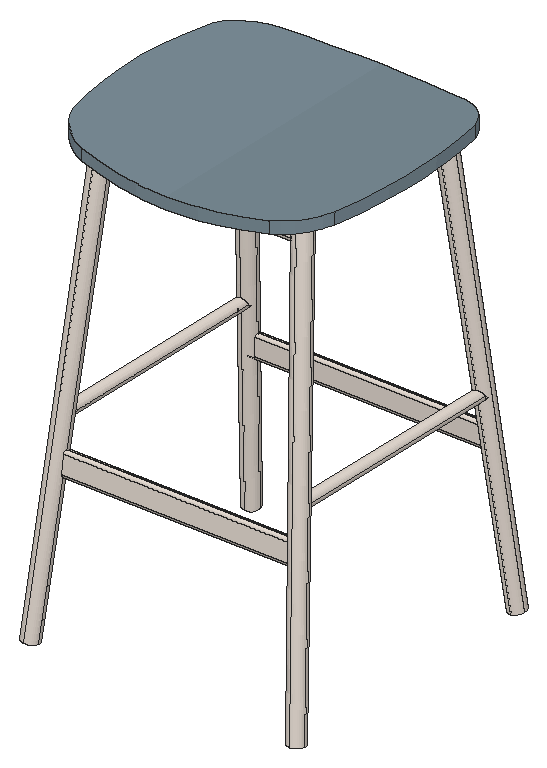
Revit family "FU_Stool_Sandler_Viki 3-16", category Furniture, Revit 2020
Family settings
  OmniClass Number = 23.40.20.00
  OmniClass Title = General Furniture and Specialties
  Work Plane-Based = No
  Always vertical = Yes
  Cut with Voids When Loaded = No
  Shared = No
  Room Calculation Point = No
Parameters (values of type "Viki 3.16")
  Width = 490 mm
  URL = "https://www.sandlerseating.com/product/viki-3-16/"
  Seat [instance] = Fabric - Mainline Flax - Epping MLF51
  Model = "Viki 3.16"
  Manufacturer = "Sandler"
  Height = 770 mm
  Frame [instance] = Wood -  Aniline - White
  Description = "Barstool with upholstered seat on a solid beech frame with stretchers"
  Depth = 500 mm
  Default Elevation = 0 mm
Reference planes
  plane 1 "Center (Front/Back)": y = 0
  plane 2: z = 0
  plane 3 "Center (Left/Right)": x = 0
  plane 4 "Right": x = -245
  plane 5 "Left": x = 245
  plane 6 "Back": y = 250
  plane 7 "Front": y = -250
  plane 8 "Height": z = 770
  plane 9 "Seat height": z = 750
  plane 10 "Front Legs RIGHT": through (4267.2, -234.41, 5) normal (0, -0.9937, 0.1121)
  plane 11 "Back Legs RIGHT": through (4267.2, 234.377, 5.537) normal (0, -0.9937, -0.1121)
  plane 12 "Cross Stretch RIGHT": z = 339.982
  plane 13 "Top Stretch RIGHT": z = 717.341
  plane 14 "Front Stretch RIGHT": z = 269.66
  plane 15 "Right Leg RIGHT": through (-226.609, -1524, 3.167) normal (-0.9972, 0, 0.0742)
Forms (mm)
  SweptBlend 1, solid, material "Wood -  Aniline - White" <- "Frame"
    path origin (0, -232.021, 26.176) x (0, -0.112106, -0.993696) y (1, 0, 0)
      loop
        line (26.325, -226.713) -> (-721.583, -170.738)
    profile "Pro_Circles : 28mm" origin (-226.713, -234.972, 0.017) x (-0.997211, 0.008367, 0.074163) y (0, -0.993696, 0.112106)
      loop
        arc (-13.967, 0.067) -> (-9.943, -9.849) -> (-0.067, -13.967) r 13.901
        arc (-0.067, -13.967) -> (9.896, -9.896) -> (13.967, 0.067) r 13.901
        arc (13.967, 0.067) -> (9.849, 9.943) -> (-0.067, 13.967) r 13.9
        arc (-0.067, 13.967) -> (-9.895, 9.895) -> (-13.967, 0.067) r 13.9
    end profile "Pro_Circles : 32mm" origin (-170.738, -151.127, 743.211) x (-0.997211, 0.008367, 0.074163) y (0, -0.993696, 0.112106)
      loop
        arc (-15.967, 0.067) -> (-11.357, -11.263) -> (-0.067, -15.967) r 15.901
        arc (-0.067, -15.967) -> (11.311, -11.31) -> (15.967, 0.067) r 15.901
        arc (15.967, 0.067) -> (11.263, 11.357) -> (-0.067, 15.967) r 15.9
        arc (-0.067, 15.967) -> (-11.31, 11.31) -> (-15.967, 0.067) r 15.9
  SweptBlend 2, solid, material "Wood -  Aniline - White" <- "Frame"
    path origin (0, -232.021, 26.176) x (0, -0.112106, -0.993696) y (-1, 0, 0)
      loop
        line (26.325, -226.713) -> (-721.583, -170.738)
    profile "Pro_Circles : 28mm" origin (226.713, -234.972, 0.017) x (-0.997211, -0.008367, -0.074163) y (0, -0.993696, 0.112106)
      loop
        arc (13.967, 0.067) -> (9.895, 9.895) -> (0.067, 13.967) r 13.9
        arc (0.067, 13.967) -> (-9.849, 9.943) -> (-13.967, 0.067) r 13.9
        arc (-13.967, 0.067) -> (-9.896, -9.896) -> (0.067, -13.967) r 13.901
        arc (0.067, -13.967) -> (9.943, -9.849) -> (13.967, 0.067) r 13.901
    end profile "Pro_Circles : 32mm" origin (170.738, -151.127, 743.211) x (-0.997211, -0.008367, -0.074163) y (0, -0.993696, 0.112106)
      loop
        arc (15.967, 0.067) -> (11.31, 11.31) -> (0.067, 15.967) r 15.9
        arc (0.067, 15.967) -> (-11.263, 11.357) -> (-15.967, 0.067) r 15.9
        arc (-15.967, 0.067) -> (-11.311, -11.31) -> (0.067, -15.967) r 15.901
        arc (0.067, -15.967) -> (11.357, -11.263) -> (15.967, 0.067) r 15.901
  SweptBlend 3, solid, material "Wood -  Aniline - White" <- "Frame"
    path origin (0, 232.021, 26.176) x (0, 0.112106, -0.993696) y (-1, 0, 0)
      loop
        line (26.325, 226.713) -> (-721.583, 170.738)
    profile "Pro_Circles : 28mm" origin (-226.713, 234.972, 0.017) x (0.997211, 0.008367, -0.074163) y (0, 0.993696, 0.112106)
      loop
        arc (13.967, 0.067) -> (9.895, 9.895) -> (0.067, 13.967) r 13.9
        arc (0.067, 13.967) -> (-9.849, 9.943) -> (-13.967, 0.067) r 13.9
        arc (-13.967, 0.067) -> (-9.896, -9.896) -> (0.067, -13.967) r 13.901
        arc (0.067, -13.967) -> (9.943, -9.849) -> (13.967, 0.067) r 13.901
    end profile "Pro_Circles : 32mm" origin (-170.738, 151.127, 743.211) x (0.997211, 0.008367, -0.074163) y (0, 0.993696, 0.112106)
      loop
        arc (15.967, 0.067) -> (11.31, 11.31) -> (0.067, 15.967) r 15.9
        arc (0.067, 15.967) -> (-11.263, 11.357) -> (-15.967, 0.067) r 15.9
        arc (-15.967, 0.067) -> (-11.311, -11.31) -> (0.067, -15.967) r 15.901
        arc (0.067, -15.967) -> (11.357, -11.263) -> (15.967, 0.067) r 15.901
  SweptBlend 4, solid, material "Wood -  Aniline - White" <- "Frame"
    path origin (0, 232.021, 26.176) x (0, 0.112106, -0.993696) y (-1, 0, 0)
      loop
        line (26.325, -226.713) -> (-721.583, -170.738)
    profile "Pro_Circles : 28mm" origin (226.713, 234.972, 0.017) x (0.997211, -0.008367, 0.074163) y (0, 0.993696, 0.112106)
      loop
        arc (-13.967, 0.067) -> (-9.943, -9.849) -> (-0.067, -13.967) r 13.901
        arc (-0.067, -13.967) -> (9.896, -9.896) -> (13.967, 0.067) r 13.901
        arc (13.967, 0.067) -> (9.849, 9.943) -> (-0.067, 13.967) r 13.9
        arc (-0.067, 13.967) -> (-9.895, 9.895) -> (-13.967, 0.067) r 13.9
    end profile "Pro_Circles : 32mm" origin (170.738, 151.127, 743.211) x (0.997211, -0.008367, 0.074163) y (0, 0.993696, 0.112106)
      loop
        arc (-15.967, 0.067) -> (-11.357, -11.263) -> (-0.067, -15.967) r 15.901
        arc (-0.067, -15.967) -> (11.311, -11.31) -> (15.967, 0.067) r 15.901
        arc (15.967, 0.067) -> (11.263, 11.357) -> (-0.067, 15.967) r 15.9
        arc (-0.067, 15.967) -> (-11.31, 11.31) -> (-15.967, 0.067) r 15.9
  Sweep 5, solid, material "Wood -  Aniline - White" <- "Frame"
    path origin (0, -232.021, 26.176) x (0, -0.112106, -0.993696) y (1, 0, 0)
      loop
        line (-246.431, -206.233) -> (-246.431, 206.233)
    profile origin (0, -204.395, 271.053) x (0, 0.112106, 0.993696) y (0, -0.993696, 0.112106)
      loop
        arc (-17.326, 5.093) -> (-20.818, 3.399) -> (-22.046, -0.283) r 5
        line (-22.046, -0.283) -> (-21.891, -2.309)
        arc (-21.891, -2.309) -> (-20.205, -5.683) -> (-16.641, -6.92) r 5
        line (-16.641, -6.92) -> (14.601, -5.263)
        arc (14.601, -5.263) -> (18.104, -3.557) -> (19.319, 0.145) r 5
        line (19.319, 0.145) -> (19.151, 2.17)
        arc (19.151, 2.17) -> (17.455, 5.524) -> (13.903, 6.749) r 5
        line (13.903, 6.749) -> (-17.326, 5.093)
  Sweep 6, solid, material "Wood -  Aniline - White" <- "Frame"
    path origin (0, 232.021, 26.176) x (0, 0.112106, -0.993696) y (-1, 0, 0)
      loop
        line (-246.431, 206.233) -> (-246.431, -206.233)
    profile origin (0, 204.395, 271.053) x (0, 0.112106, -0.993696) y (0, 0.993696, 0.112106)
      loop
        line (17.326, 5.093) -> (-13.903, 6.749)
        arc (-13.903, 6.749) -> (-17.455, 5.524) -> (-19.151, 2.17) r 5
        line (-19.151, 2.17) -> (-19.319, 0.145)
        arc (-19.319, 0.145) -> (-18.104, -3.557) -> (-14.601, -5.263) r 5
        line (-14.601, -5.263) -> (16.641, -6.92)
        arc (16.641, -6.92) -> (20.205, -5.683) -> (21.891, -2.309) r 5
        line (21.891, -2.309) -> (22.046, -0.283)
        arc (22.046, -0.283) -> (20.818, 3.399) -> (17.326, 5.093) r 5
  Extrusion 7, solid, material "Wood -  Aniline - White" <- "Frame"
    sketch origin (0, 0, 0) x (1, 0, 0) y (0, 0, 1)
      loop
        circle (-201.56, 339.982) r 10
    from -196.541 to 196.025
  Extrusion 8, solid, material "Wood -  Aniline - White" <- "Frame"
    sketch origin (0, 0, 0) x (-1, 0, 0) y (0, 0, -1)
      loop
        circle (-201.56, -339.982) r 10
    from -196.541 to 196.025
  Sweep 9, solid, material "Wood -  Aniline - White" <- "Frame"
    path origin (0, 0, 717.341) x (0, -1, 0) y (1, 0, 0)
      loop
        line (-155.682, -175) -> (-155.682, 175)
    profile "Pro_Circles : 15mm" origin (0, 155.682, 717.341) x (0, 1, 0) y (0, 0, 1)
      loop
        arc (-7.467, 0.067) -> (-5.347, -5.252) -> (-0.067, -7.467) r 7.401
        arc (-0.067, -7.467) -> (5.3, -5.301) -> (7.467, 0.067) r 7.402
        arc (7.467, 0.067) -> (5.252, 5.347) -> (-0.067, 7.467) r 7.401
        arc (-0.067, 7.467) -> (-5.299, 5.299) -> (-7.467, 0.067) r 7.4
  Sweep 10, solid, material "Wood -  Aniline - White" <- "Frame"
    path origin (0, 0, 717.341) x (0, 1, 0) y (1, 0, 0)
      loop
        line (-155.682, -175) -> (-155.682, 175)
    profile "Pro_Circles : 15mm" origin (0, -155.682, 717.341) x (0, 1, 0) y (0, 0, 1)
      loop
        arc (7.467, 0.067) -> (5.299, 5.299) -> (0.067, 7.467) r 7.4
        arc (0.067, 7.467) -> (-5.252, 5.347) -> (-7.467, 0.067) r 7.401
        arc (-7.467, 0.067) -> (-5.3, -5.301) -> (0.067, -7.467) r 7.402
        arc (0.067, -7.467) -> (5.347, -5.252) -> (7.467, 0.067) r 7.401
  Sweep 11, solid, material "Wood -  Aniline - White" <- "Frame"
    path origin (0, 0, 717.341) x (0, -1, 0) y (1, 0, 0)
      loop
        line (155.615, 129.567) -> (-155.615, 129.567)
    profile "Pro_Circles : 15mm" origin (129.567, 0, 717.341) x (-1, 0, 0) y (0, 0, 1)
      loop
        arc (-7.467, 0.067) -> (-5.347, -5.252) -> (-0.067, -7.467) r 7.401
        arc (-0.067, -7.467) -> (5.3, -5.301) -> (7.467, 0.067) r 7.402
        arc (7.467, 0.067) -> (5.252, 5.347) -> (-0.067, 7.467) r 7.401
        arc (-0.067, 7.467) -> (-5.299, 5.299) -> (-7.467, 0.067) r 7.4
  Sweep 12, solid, material "Wood -  Aniline - White" <- "Frame"
    path origin (0, 0, 717.341) x (0, -1, 0) y (-1, 0, 0)
      loop
        line (155.615, 129.567) -> (-155.615, 129.567)
    profile "Pro_Circles : 15mm" origin (-129.567, 0, 717.341) x (-1, 0, 0) y (0, 0, 1)
      loop
        arc (7.467, 0.067) -> (5.299, 5.299) -> (0.067, 7.467) r 7.4
        arc (0.067, 7.467) -> (-5.252, 5.347) -> (-7.467, 0.067) r 7.401
        arc (-7.467, 0.067) -> (-5.3, -5.301) -> (0.067, -7.467) r 7.402
        arc (0.067, -7.467) -> (5.347, -5.252) -> (7.467, 0.067) r 7.401
Dimensions and locks
  equal spacing: plane 4 "Right", plane 3 "Center (Left/Right)", plane 5 "Left"
  "Width": plane 4 "Right" to plane 5 "Left"
  equal spacing: plane 6 "Back", plane 1 "Center (Front/Back)", plane 7 "Front"
  "Depth": plane 6 "Back" to plane 7 "Front"
  "Height": plane 8 "Height" to level
  plane 9 "Seat height" to level = 750 mm
  aligned and locked: level to plane 2
Automatic sketch dimensions
  SweptBlend 1 sketch curve to plane 4 "Right" = 74.262 mm
  SweptBlend 1 sketch curve to plane 4 "Right" = 18.287 mm
  SweptBlend 1 sketch curve to SweptBlend 1 sketch curve = 747.908 mm
  SweptBlend 2 sketch curve to plane 5 "Left" = 74.262 mm
  SweptBlend 2 sketch curve to plane 5 "Left" = 18.287 mm
  SweptBlend 2 sketch curve to SweptBlend 2 sketch curve = 747.908 mm
  SweptBlend 3 sketch curve to plane 4 "Right" = 74.262 mm
  SweptBlend 3 sketch curve to plane 4 "Right" = 18.287 mm
  SweptBlend 3 sketch curve to SweptBlend 3 sketch curve = 747.908 mm
  plane 5 "Left" to SweptBlend 4 sketch curve = 74.262 mm
  plane 5 "Left" to SweptBlend 4 sketch curve = 18.287 mm
  SweptBlend 4 sketch curve to SweptBlend 4 sketch curve = 747.908 mm
  plane 5 "Left" to Sweep 5 sketch curve = 38.767 mm
  Sweep 5 sketch curve to plane 4 "Right" = 38.767 mm
  Sweep 5 sketch curve to plane 10 "Front Legs RIGHT" = 0.283 mm
  profile plane to Sweep 5 sketch curve = 22.046 mm
  Sweep 5 sketch curve to plane 10 "Front Legs RIGHT" = 2.309 mm
  Sweep 5 sketch curve to Sweep 5 sketch curve = 0.155 mm  (x2)
  plane 10 "Front Legs RIGHT" to Sweep 5 sketch curve = 5.093 mm
  Sweep 5 sketch curve to Sweep 5 sketch curve = 4.721 mm
  plane 10 "Front Legs RIGHT" to Sweep 5 sketch curve = 0.1 mm
  Sweep 5 sketch curve to plane 10 "Front Legs RIGHT" = 6.92 mm
  Sweep 5 sketch curve to Sweep 5 sketch curve = 0.265 mm  (x3)
  plane 10 "Front Legs RIGHT" to Sweep 5 sketch curve = 6.749 mm
  Sweep 5 sketch curve to profile plane = 13.903 mm
  plane 10 "Front Legs RIGHT" to Sweep 5 sketch curve = 1.756 mm
  Sweep 5 sketch curve to plane 10 "Front Legs RIGHT" = 0.27 mm
  Sweep 5 sketch curve to Sweep 5 sketch curve = 0.168 mm
  Sweep 5 sketch curve to plane 10 "Front Legs RIGHT" = 5.263 mm
  plane 10 "Front Legs RIGHT" to Sweep 5 sketch curve = 2.17 mm
  plane 10 "Front Legs RIGHT" to Sweep 5 sketch curve = 0.145 mm
  plane 5 "Left" to Sweep 6 sketch curve = 38.767 mm
  Sweep 6 sketch curve to plane 4 "Right" = 38.767 mm
  profile plane to Sweep 6 sketch curve = 0.145 mm
  profile plane to Sweep 6 sketch curve = 19.319 mm
  profile plane to Sweep 6 sketch curve = 2.17 mm
  Sweep 6 sketch curve to Sweep 6 sketch curve = 0.168 mm  (x2)
  Sweep 6 sketch curve to profile plane = 5.263 mm
  Sweep 6 sketch curve to Sweep 6 sketch curve = 4.718 mm
  Sweep 6 sketch curve to profile plane = 0.27 mm
  Sweep 6 sketch curve to Sweep 6 sketch curve = 0.265 mm  (x3)
  Sweep 6 sketch curve to profile plane = 6.92 mm
  Sweep 6 sketch curve to profile plane = 16.641 mm
  Sweep 6 sketch curve to profile plane = 1.927 mm
  profile plane to Sweep 6 sketch curve = 0.1 mm
  Sweep 6 sketch curve to Sweep 6 sketch curve = 0.155 mm
  profile plane to Sweep 6 sketch curve = 5.093 mm
  Sweep 6 sketch curve to profile plane = 2.309 mm
  Sweep 6 sketch curve to profile plane = 0.283 mm
  profile plane to Sweep 6 sketch curve = 1.756 mm
  Extrusion 7 sketch curve to plane 12 "Cross Stretch RIGHT" = 0 mm
  plane 15 "Right Leg RIGHT" to Extrusion 7 sketch curve = 0 mm
  Extrusion 8 sketch curve to plane 12 "Cross Stretch RIGHT" = 0 mm
  Extrusion 8 sketch curve to plane 5 "Left" = 43.44 mm
  Sweep 9 sketch curve to plane 6 "Back" = 94.318 mm
  Sweep 9 sketch curve to plane 4 "Right" = 70 mm
  plane 5 "Left" to Sweep 9 sketch curve = 70 mm
  Sweep 10 sketch curve to plane 7 "Front" = 94.318 mm
  plane 4 "Right" to Sweep 10 sketch curve = 70 mm
  Sweep 10 sketch curve to plane 5 "Left" = 70 mm
  Sweep 11 sketch curve to plane 6 "Back" = 94.385 mm
  plane 5 "Left" to Sweep 11 sketch curve = 115.433 mm
  plane 7 "Front" to Sweep 11 sketch curve = 94.385 mm
  plane 6 "Back" to Sweep 12 sketch curve = 94.385 mm
  plane 4 "Right" to Sweep 12 sketch curve = 115.433 mm
  Sweep 12 sketch curve to plane 7 "Front" = 94.385 mm
  radius of Extrusion 7 sketch curve = 10 mm
  radius of Extrusion 8 sketch curve = 10 mm
Nested families
  nested 1: "Viki Stool Seat_01" at (0, 0, 288), Seat <- "Seat", type "Type 2"
    with Seat Fabric - Mainline Flax - Epping MLF51
Definition of nested family "Viki Stool Seat_01"
  Parameters (values of type "Type 2")
    Width = 480 mm
    URL = ""
    Model = ""
    Manufacturer = ""
    Height = 480 mm
    Seat [instance] = none
    Description = ""
    Depth = 460 mm
    Default Elevation = 0 mm
  Reference planes
    plane 1 "Center (Front/Back)": y = 0
    plane 2: z = 0
    plane 3 "Center (Left/Right)": x = 0
    plane 4 "Right": x = -240
    plane 5 "Left": x = 240
    plane 6 "Back": y = 230
    plane 7 "Front": y = -230
    plane 8 "Height": z = 480
    plane 9 "Seat height": z = 446.985
  Forms (mm)
    Sweep 1, solid, material <- "Seat"
      path origin (0, 0, 446.985) x (-1, 0, 0) y (0, -1, 0)
        loop
          line (0, 250) -> (0, -250)
      profile origin (0, 0, 446.985) x (-1, 0, 0) y (0, 0, 1)
        loop
          line (263.434, 27.782) -> (263.434, 47.765)
          arc (263.434, 47.765) -> (0, 20.077) -> (-263.434, 47.765) r 1267.049
          line (-263.434, 47.765) -> (-263.434, 27.782)
          arc (-263.434, 27.782) -> (0, 0) -> (263.434, 27.782) r 1262.876
    Extrusion 2, void
      sketch origin (0, 0, 446.985) x (-1, 0, 0) y (0, -1, 0)
        loop
          arc (223.586, -149) -> (240, 0) -> (223.586, 149) r 684.495
          arc (223.586, 149) -> (198.632, 187.198) -> (159, 209.806) r 97.22
          arc (159, 209.806) -> (0, 230) -> (-159, 209.806) r 636.036
          arc (-159, 209.806) -> (-198.632, 187.198) -> (-223.586, 149) r 97.22
          arc (-223.586, 149) -> (-240, 0) -> (-223.586, -149) r 684.495
          arc (-223.586, -149) -> (-198.632, -187.198) -> (-159, -209.806) r 97.22
          arc (-159, -209.806) -> (0, -230) -> (159, -209.806) r 636.036
          arc (159, -209.806) -> (198.632, -187.198) -> (223.586, -149) r 97.22
        loop
          line (-270, 260) -> (-270, -260) -> (270, -260) -> (270, 260) -> (-270, 260)
      from -5 to 59.424
    Sweep 3, solid
      path origin (0, 0, 446.985) x (-1, 0, 0) y (0, -1, 0)
        loop
          line (0, 207.5) -> (0, -207.5)
      profile origin (0, 0, 446.985) x (-1, 0, 0) y (0, 0, 1)
        loop
          arc (200, 17.031) -> (0, 1.094) -> (-200, 17.031) r 1262.876
          line (-200, 17.031) -> (-200, 12.34)
          arc (-200, 12.34) -> (0, -3.597) -> (200, 12.34) r 1262.876
          line (200, 12.34) -> (200, 17.031)
    Extrusion 4, void
      sketch origin (0, 0, 446.985) x (-1, 0, 0) y (0, -1, 0)
        loop
          line (-148.12, 140.167) -> (-148.12, -125.435) -> (148.12, -125.435) -> (148.12, 140.167) -> (-148.12, 140.167)
        loop
          arc (185.414, -151.405) -> (197.276, 4.81) -> (185.414, 161.024) r 1034.523
          arc (185.414, 161.024) -> (179.314, 173.939) -> (167.138, 181.406) r 25
          arc (167.138, 181.406) -> (0, 203.294) -> (-167.138, 181.406) r 649.072
          arc (-167.138, 181.406) -> (-179.314, 173.939) -> (-185.414, 161.024) r 25
          arc (-185.414, 161.024) -> (-197.276, 4.81) -> (-185.414, -151.405) r 1034.523
          arc (-185.414, -151.405) -> (-179.314, -164.319) -> (-167.138, -171.786) r 25
          arc (-167.138, -171.786) -> (0, -193.675) -> (167.138, -171.786) r 649.072
          arc (167.138, -171.786) -> (179.314, -164.319) -> (185.414, -151.405) r 25
        loop
          line (-206.88, 214.565) -> (-206.88, -215) -> (205, -215) -> (205, 214.565) -> (-206.88, 214.565)
      from -6.36 to 21.864
  Cuts and joins
    Extrusion 2 cuts Sweep 1
    Extrusion 4 cuts Sweep 3
  Dimensions and locks
    equal spacing: plane 4 "Right", plane 3 "Center (Left/Right)", plane 5 "Left"
    "Width": plane 4 "Right" to plane 5 "Left"
    equal spacing: plane 6 "Back", plane 1 "Center (Front/Back)", plane 7 "Front"
    "Depth": plane 6 "Back" to plane 7 "Front"
    "Height": plane 8 "Height" to level
    plane 9 "Seat height" to level = 446.985 mm
    aligned and locked: level to plane 2
  Automatic sketch dimensions
    Sweep 1 sketch curve to plane 3 "Center (Left/Right)" = 0 mm
    plane 6 "Back" to Sweep 1 sketch curve = 20 mm
    Sweep 1 sketch curve to plane 7 "Front" = 20 mm
    Sweep 1 sketch curve to profile plane = 0 mm  (x2)
    plane 9 "Seat height" to Sweep 1 sketch curve = 47.765 mm  (x2)
    profile plane to Sweep 1 sketch curve = 263.434 mm
    Sweep 1 sketch curve to Sweep 1 sketch curve = 19.984 mm
    Sweep 1 sketch curve to Sweep 1 sketch curve = 1215.111 mm
    Sweep 1 sketch curve to Sweep 1 sketch curve = 24.251 mm
    plane 1 "Center (Front/Back)" to Extrusion 2 sketch curve = 0 mm  (x2)
    Extrusion 2 sketch curve to plane 3 "Center (Left/Right)" = 0 mm  (x2)
    plane 5 "Left" to Extrusion 2 sketch curve = 108.01 mm  (x2)
    Extrusion 2 sketch curve to plane 5 "Left" = 30 mm
    Extrusion 2 sketch curve to plane 5 "Left" = 204.495 mm
    Extrusion 2 sketch curve to plane 4 "Right" = 108.01 mm  (x2)
    plane 4 "Right" to Extrusion 2 sketch curve = 30 mm
    plane 4 "Right" to Extrusion 2 sketch curve = 204.495 mm
    Extrusion 2 sketch curve to plane 6 "Back" = 113.587 mm  (x2)
    plane 6 "Back" to Extrusion 2 sketch curve = 30 mm
    plane 6 "Back" to Extrusion 2 sketch curve = 176.036 mm
    plane 7 "Front" to Extrusion 2 sketch curve = 113.587 mm
    plane 1 "Center (Front/Back)" to Extrusion 2 sketch curve = 116.413 mm
    Extrusion 2 sketch curve to plane 7 "Front" = 30 mm
    Extrusion 2 sketch curve to plane 7 "Front" = 176.036 mm
    Extrusion 2 sketch curve to plane 6 "Back" = 20.194 mm  (x2)
    plane 5 "Left" to Extrusion 2 sketch curve = 81 mm
    plane 7 "Front" to Extrusion 2 sketch curve = 20.194 mm  (x2)
    Extrusion 2 sketch curve to Extrusion 2 sketch curve = 27.01 mm
    plane 5 "Left" to Extrusion 2 sketch curve = 16.414 mm
    Extrusion 2 sketch curve to plane 4 "Right" = 16.414 mm
    Sweep 3 sketch curve to plane 3 "Center (Left/Right)" = 0 mm
    Sweep 3 sketch curve to plane 6 "Back" = 22.5 mm
    plane 7 "Front" to Sweep 3 sketch curve = 22.5 mm
    Sweep 3 sketch curve to profile plane = 0 mm  (x2)
    plane 9 "Seat height" to Sweep 3 sketch curve = 17.031 mm  (x2)
    profile plane to Sweep 3 sketch curve = 200 mm
    Sweep 3 sketch curve to Sweep 3 sketch curve = 4.691 mm  (x2)
    Sweep 3 sketch curve to Sweep 3 sketch curve = 1242.248 mm
    Extrusion 4 sketch curve to plane 3 "Center (Left/Right)" = 0 mm  (x2)
    plane 5 "Left" to Extrusion 4 sketch curve = 91.88 mm
    Extrusion 4 sketch curve to Extrusion 4 sketch curve = 12.581 mm  (x4)
    Extrusion 4 sketch curve to plane 6 "Back" = 15 mm
    plane 5 "Left" to Extrusion 4 sketch curve = 33.12 mm
    plane 1 "Center (Front/Back)" to Extrusion 4 sketch curve = 4.81 mm  (x2)
    Extrusion 4 sketch curve to plane 5 "Left" = 597.247 mm
    plane 7 "Front" to Extrusion 4 sketch curve = 15.435 mm
    Extrusion 4 sketch curve to plane 4 "Right" = 35 mm
    plane 6 "Back" to Extrusion 4 sketch curve = 215.778 mm
    Extrusion 4 sketch curve to Extrusion 4 sketch curve = 67.37 mm  (x2)
    Extrusion 4 sketch curve to Extrusion 4 sketch curve = 22.194 mm
    plane 7 "Front" to Extrusion 4 sketch curve = 89.833 mm
    Extrusion 4 sketch curve to Extrusion 4 sketch curve = 17.082 mm  (x2)
    Extrusion 4 sketch curve to Extrusion 4 sketch curve = 6.438 mm  (x3)
    Extrusion 4 sketch curve to Extrusion 4 sketch curve = 0 mm  (x7)
    Extrusion 4 sketch curve to Extrusion 4 sketch curve = 24.713 mm
